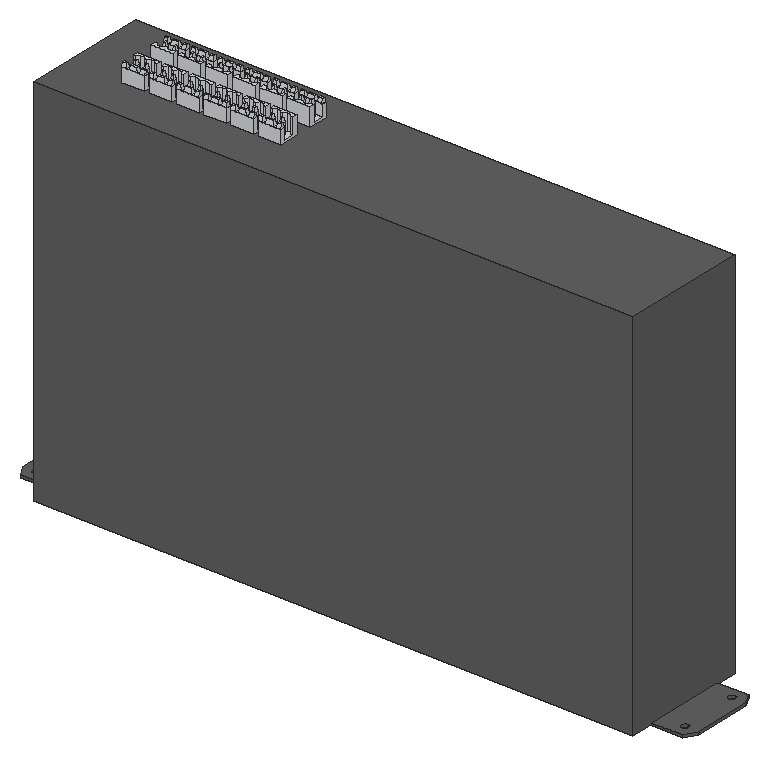
Revit family "БП220 исп3_RV17_LOD400 (05.11.23)", category Электрооборудование, Revit 2017 (continued)
Automatic sketch dimensions
  plane 1 "По центру (Вперед/Назад)" to Blend 124 sketch curve = 9.469 mm
  Blend 124 sketch curve to Blend 124 sketch curve = 1.603 mm
  Blend 124 sketch curve to plane 3 "По центру (Влево/Вправо)" = 64.237 mm
  Blend 124 sketch curve to Blend 124 sketch curve = 1.672 mm
  plane 1 "По центру (Вперед/Назад)" to Blend 124 sketch curve = 9.091 mm
  Blend 124 sketch curve to Blend 124 sketch curve = 0.839 mm
  Extrusion 125 sketch curve to plane 3 "По центру (Влево/Вправо)" = 50.426 mm
  Extrusion 125 sketch curve to Extrusion 125 sketch curve = 0.875 mm  (x2)
  Extrusion 125 sketch curve to Extrusion 125 sketch curve = 0.964 mm  (x7)
  Extrusion 125 sketch curve to Extrusion 125 sketch curve = 1.76 mm  (x2)
  Extrusion 125 sketch curve to Extrusion 125 sketch curve = 1.839 mm
  plane 1 "По центру (Вперед/Назад)" to Extrusion 125 sketch curve = 0.869 mm
  Extrusion 125 sketch curve to Extrusion 125 sketch curve = 1.018 mm  (x2)
  Extrusion 126 sketch curve to plane 3 "По центру (Влево/Вправо)" = 50.426 mm
  Extrusion 126 sketch curve to Extrusion 126 sketch curve = 2.174 mm  (x2)
  Extrusion 126 sketch curve to Extrusion 126 sketch curve = 1.208 mm  (x2)
  Extrusion 126 sketch curve to Extrusion 126 sketch curve = 3.236 mm
  plane 1 "По центру (Вперед/Назад)" to Extrusion 126 sketch curve = 4.722 mm
  Extrusion 126 sketch curve to Extrusion 126 sketch curve = 0 mm
  Extrusion 126 sketch curve to Extrusion 126 sketch curve = 1.371 mm  (x2)
  Extrusion 126 sketch curve to Extrusion 126 sketch curve = 1.772 mm
  Extrusion 126 sketch curve to Extrusion 126 sketch curve = 1.603 mm
  Extrusion 127 sketch curve to plane 3 "По центру (Влево/Вправо)" = 50.426 mm
  Extrusion 127 sketch curve to Extrusion 127 sketch curve = 10 mm
  plane 1 "По центру (Вперед/Назад)" to Extrusion 127 sketch curve = 0.869 mm
  Extrusion 127 sketch curve to Extrusion 127 sketch curve = 8.6 mm
  Blend 128 sketch curve to plane 3 "По центру (Влево/Вправо)" = 52.599 mm
  Blend 128 sketch curve to Blend 128 sketch curve = 1.208 mm
  plane 1 "По центру (Вперед/Назад)" to Blend 128 sketch curve = 4.722 mm
  Blend 128 sketch curve to Blend 128 sketch curve = 1.371 mm
  Blend 128 sketch curve to plane 3 "По центру (Влево/Вправо)" = 52.831 mm
  Blend 128 sketch curve to Blend 128 sketch curve = 0.786 mm
  plane 1 "По центру (Вперед/Назад)" to Blend 128 sketch curve = 5.005 mm
  Blend 128 sketch curve to Blend 128 sketch curve = 0.804 mm
  Blend 129 sketch curve to plane 3 "По центру (Влево/Вправо)" = 57.043 mm
  Blend 129 sketch curve to Blend 129 sketch curve = 1.208 mm
  plane 1 "По центру (Вперед/Назад)" to Blend 129 sketch curve = 4.722 mm
  Blend 129 sketch curve to Blend 129 sketch curve = 1.371 mm
  Blend 129 sketch curve to plane 3 "По центру (Влево/Вправо)" = 57.275 mm
  Blend 129 sketch curve to Blend 129 sketch curve = 0.786 mm
  plane 1 "По центру (Вперед/Назад)" to Blend 129 sketch curve = 5.005 mm
  Blend 129 sketch curve to Blend 129 sketch curve = 0.804 mm
  Blend 130 sketch curve to plane 3 "По центру (Влево/Вправо)" = 53.68 mm
  Blend 130 sketch curve to Blend 130 sketch curve = 3.581 mm
  plane 1 "По центру (Вперед/Назад)" to Blend 130 sketch curve = 7.865 mm
  Blend 130 sketch curve to Blend 130 sketch curve = 1.603 mm
  Blend 130 sketch curve to plane 3 "По центру (Влево/Вправо)" = 54.112 mm
  Blend 130 sketch curve to Blend 130 sketch curve = 2.818 mm
  plane 1 "По центру (Вперед/Назад)" to Blend 130 sketch curve = 8.302 mm
  Blend 130 sketch curve to Blend 130 sketch curve = 0.782 mm
  Blend 131 sketch curve to plane 3 "По центру (Влево/Вправо)" = 58.39 mm
  Blend 131 sketch curve to Blend 131 sketch curve = 2.035 mm
  plane 1 "По центру (Вперед/Назад)" to Blend 131 sketch curve = 7.865 mm
  Blend 131 sketch curve to Blend 131 sketch curve = 1.603 mm
  Blend 131 sketch curve to plane 3 "По центру (Влево/Вправо)" = 58.754 mm
  Blend 131 sketch curve to Blend 131 sketch curve = 1.672 mm
  plane 1 "По центру (Вперед/Назад)" to Blend 131 sketch curve = 8.252 mm
  Blend 131 sketch curve to Blend 131 sketch curve = 0.839 mm
  Blend 132 sketch curve to plane 3 "По центру (Влево/Вправо)" = 52.552 mm
  Blend 132 sketch curve to Blend 132 sketch curve = 2.035 mm
  plane 1 "По центру (Вперед/Назад)" to Blend 132 sketch curve = 9.469 mm
  Blend 132 sketch curve to Blend 132 sketch curve = 1.603 mm
  Blend 132 sketch curve to plane 3 "По центру (Влево/Вправо)" = 52.189 mm
  Blend 132 sketch curve to Blend 132 sketch curve = 1.672 mm
  plane 1 "По центру (Вперед/Назад)" to Blend 132 sketch curve = 9.091 mm
  Blend 132 sketch curve to Blend 132 sketch curve = 0.839 mm
  Extrusion 133 sketch curve to plane 3 "По центру (Влево/Вправо)" = 38.377 mm
  Extrusion 133 sketch curve to Extrusion 133 sketch curve = 0.875 mm  (x2)
  Extrusion 133 sketch curve to Extrusion 133 sketch curve = 0.964 mm  (x7)
  Extrusion 133 sketch curve to Extrusion 133 sketch curve = 1.76 mm  (x2)
  Extrusion 133 sketch curve to Extrusion 133 sketch curve = 1.839 mm
  plane 1 "По центру (Вперед/Назад)" to Extrusion 133 sketch curve = 0.869 mm
  Extrusion 133 sketch curve to Extrusion 133 sketch curve = 1.018 mm  (x2)
  Extrusion 134 sketch curve to plane 3 "По центру (Влево/Вправо)" = 38.377 mm
  Extrusion 134 sketch curve to Extrusion 134 sketch curve = 2.174 mm  (x2)
  Extrusion 134 sketch curve to Extrusion 134 sketch curve = 1.208 mm  (x2)
  Extrusion 134 sketch curve to Extrusion 134 sketch curve = 3.236 mm
  plane 1 "По центру (Вперед/Назад)" to Extrusion 134 sketch curve = 4.722 mm
  Extrusion 134 sketch curve to Extrusion 134 sketch curve = 0 mm
  Extrusion 134 sketch curve to Extrusion 134 sketch curve = 1.371 mm  (x2)
  Extrusion 134 sketch curve to Extrusion 134 sketch curve = 1.772 mm
  Extrusion 134 sketch curve to Extrusion 134 sketch curve = 1.603 mm
  Extrusion 135 sketch curve to plane 3 "По центру (Влево/Вправо)" = 38.377 mm
  Extrusion 135 sketch curve to Extrusion 135 sketch curve = 10 mm
  plane 1 "По центру (Вперед/Назад)" to Extrusion 135 sketch curve = 0.869 mm
  Extrusion 135 sketch curve to Extrusion 135 sketch curve = 8.6 mm
  Blend 136 sketch curve to plane 3 "По центру (Влево/Вправо)" = 40.551 mm
  Blend 136 sketch curve to Blend 136 sketch curve = 1.208 mm
  plane 1 "По центру (Вперед/Назад)" to Blend 136 sketch curve = 4.722 mm
  Blend 136 sketch curve to Blend 136 sketch curve = 1.371 mm
  Blend 136 sketch curve to plane 3 "По центру (Влево/Вправо)" = 40.783 mm
  Blend 136 sketch curve to Blend 136 sketch curve = 0.786 mm
  plane 1 "По центру (Вперед/Назад)" to Blend 136 sketch curve = 5.005 mm
  Blend 136 sketch curve to Blend 136 sketch curve = 0.804 mm
  Blend 137 sketch curve to plane 3 "По центру (Влево/Вправо)" = 44.995 mm
  Blend 137 sketch curve to Blend 137 sketch curve = 1.208 mm
  plane 1 "По центру (Вперед/Назад)" to Blend 137 sketch curve = 4.722 mm
  Blend 137 sketch curve to Blend 137 sketch curve = 1.371 mm
  Blend 137 sketch curve to plane 3 "По центру (Влево/Вправо)" = 45.227 mm
  Blend 137 sketch curve to Blend 137 sketch curve = 0.786 mm
  plane 1 "По центру (Вперед/Назад)" to Blend 137 sketch curve = 5.005 mm
  Blend 137 sketch curve to Blend 137 sketch curve = 0.804 mm
  Blend 138 sketch curve to plane 3 "По центру (Влево/Вправо)" = 41.632 mm
  Blend 138 sketch curve to Blend 138 sketch curve = 3.581 mm
  plane 1 "По центру (Вперед/Назад)" to Blend 138 sketch curve = 7.865 mm
  Blend 138 sketch curve to Blend 138 sketch curve = 1.603 mm
  Blend 138 sketch curve to plane 3 "По центру (Влево/Вправо)" = 42.063 mm
  Blend 138 sketch curve to Blend 138 sketch curve = 2.818 mm
  plane 1 "По центру (Вперед/Назад)" to Blend 138 sketch curve = 8.302 mm
  Blend 138 sketch curve to Blend 138 sketch curve = 0.782 mm
  Blend 139 sketch curve to plane 3 "По центру (Влево/Вправо)" = 46.342 mm
  Blend 139 sketch curve to Blend 139 sketch curve = 2.035 mm
  plane 1 "По центру (Вперед/Назад)" to Blend 139 sketch curve = 7.865 mm
  Blend 139 sketch curve to Blend 139 sketch curve = 1.603 mm
  Blend 139 sketch curve to plane 3 "По центру (Влево/Вправо)" = 46.705 mm
  Blend 139 sketch curve to Blend 139 sketch curve = 1.672 mm
  plane 1 "По центру (Вперед/Назад)" to Blend 139 sketch curve = 8.252 mm
  Blend 139 sketch curve to Blend 139 sketch curve = 0.839 mm
  Blend 140 sketch curve to plane 3 "По центру (Влево/Вправо)" = 40.503 mm
  Blend 140 sketch curve to Blend 140 sketch curve = 2.035 mm
  plane 1 "По центру (Вперед/Назад)" to Blend 140 sketch curve = 9.469 mm
  Blend 140 sketch curve to Blend 140 sketch curve = 1.603 mm
  Blend 140 sketch curve to plane 3 "По центру (Влево/Вправо)" = 40.14 mm
  Blend 140 sketch curve to Blend 140 sketch curve = 1.672 mm
  plane 1 "По центру (Вперед/Назад)" to Blend 140 sketch curve = 9.091 mm
  Blend 140 sketch curve to Blend 140 sketch curve = 0.839 mm
  radius of Extrusion 2 sketch curve = 1.6 mm  (x4)
Connectors
  electrical at (-132.5, -0.4, 83)
    settings: on cut or joined group 1 (Extrusion 1, Extrusion 3, Extrusion 4, Extrusion 5, Extrusion 6, Extrusion 7, Extrusion 8, Extrusion 9, Extrusion 10, Extrusion 11, Extrusion 12, Extrusion 13, Extrusion 14, Extrusion 15, Extrusion 16, Extrusion 17, Extrusion 18, Extrusion 19, Extrusion 20, Extrusion 21, Extrusion 22, Extrusion 23, Extrusion 24, Extrusion 25, Extrusion 26, Extrusion 27, Extrusion 28, Extrusion 29, Extrusion 30, Extrusion 31, Extrusion 32, Extrusion 33, Extrusion 34, Extrusion 35, Extrusion 36, Extrusion 37, Extrusion 38, Extrusion 39, Extrusion 40, Extrusion 41, Extrusion 42, Extrusion 43, Extrusion 44), index 1, voltage 0 V, apparent load 0 VA, apparent load phase1 0 VA, apparent load phase2 0 VA, apparent load phase3 0 VA, power factor 1, load classification "Прочее", number of poles 1, system type 14, power factor state 1, is connector primary yes, connector utility no, sub classification motor no, connector description ""
  cabletrayconduit at (-132.5, -0.4, 83), driven by "d_короба"
    settings: on cut or joined group 1, index 2, connector width 300 mm, connector height 300 mm, connector diameter 0 mm, connector angle 0.00°, system type 32, placement type 0, profile type 0, connector reference index -1, is primary connector yes, connector utility param no, connector description ""
